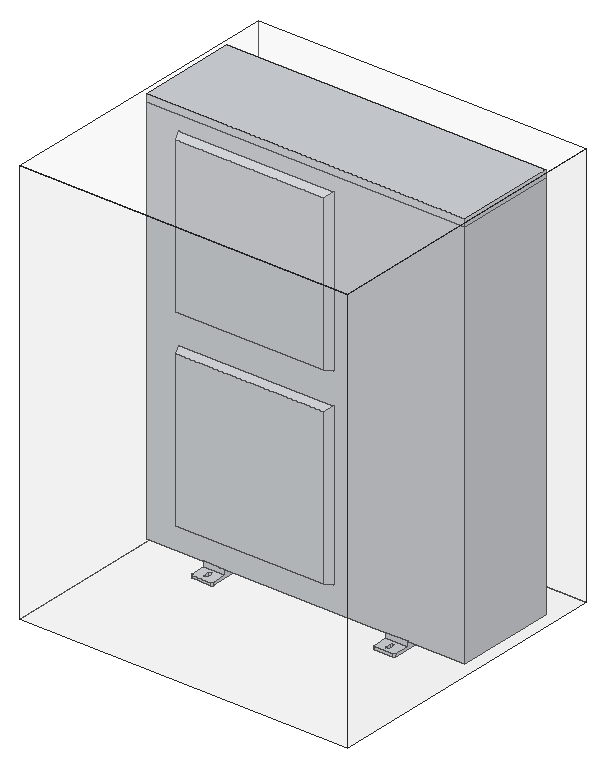
Revit family "puz-hrmp80_160ka6_60Hz", category 機械設備, Revit 2019 (continued)
Definition of nested family "PUZ-ZRMP-3"
  Dimensions and locks
    aligned and locked: plane 53 to Extrusion 5 sketch curve
    aligned and locked: plane 58 to Extrusion 6 sketch curve
    aligned and locked: plane 56 to Extrusion 6 sketch curve
    aligned and locked: plane 61 to Extrusion 7 sketch curve
    aligned and locked: plane 54 to Extrusion 7 sketch curve
    aligned and locked: plane 55 to Extrusion 7
    aligned and locked: Extrusion 7 to plane 62
    aligned and locked: plane 64 to Extrusion 6
    aligned and locked: plane 63 to Extrusion 5
    aligned and locked: Extrusion 6 to plane 60
    aligned and locked: Extrusion 5 to plane 59
    aligned and locked: plane 66 to Extrusion 8 sketch curve
    aligned and locked: plane 65 to Extrusion 8 sketch curve
    aligned and locked: Extrusion 8 to plane 60
    aligned and locked: plane 64 to Extrusion 8
    aligned and locked: Blend 9 sketch curve to plane 71
    aligned and locked: Blend 9 sketch curve to plane 72
    aligned and locked: Blend 9 sketch curve to plane 42
    aligned and locked: Blend 9 sketch curve to plane 41
    aligned and locked: plane 45 to Blend 9 sketch curve
    aligned and locked: Blend 9 sketch curve to plane 46
    aligned and locked: Blend 9 sketch curve to plane 73
    aligned and locked: plane 74 to Blend 9 sketch curve
    aligned and locked: Blend 9 to plane 8
    aligned and locked: plane 38 to Blend 9
    aligned and locked: plane 22 to Extrusion 10 sketch curve
    aligned and locked: plane 21 to Extrusion 10 sketch curve
    aligned and locked: Extrusion 10 sketch curve to Extrusion 1  (x4)
    aligned and locked: Extrusion 10 sketch curve to plane 23
    aligned and locked: Extrusion 10 sketch curve to plane 20
    aligned and locked: plane 24 to Extrusion 10
    aligned and locked: Extrusion 10 to level
    aligned and locked: plane 25 to Extrusion 11
    aligned and locked: Extrusion 11 to plane 26
    aligned and locked: Masking region 1 sketch curve to Extrusion 3  (x4)
    aligned and locked: Masking region 1 sketch curve to cut or joined group of Extrusion 1, Extrusion 10  (x8)
    aligned and locked: Masking region 1 sketch curve to Blend 9  (x3)
    aligned and locked: plane 51 to Extrusion 11 sketch curve
    aligned and locked: plane 52 to Extrusion 11 sketch curve
    aligned and locked: plane 76 to Extrusion 11 sketch curve
    aligned and locked: plane 77 to Extrusion 11 sketch curve
    aligned and locked: plane 78 to Extrusion 11 sketch curve
    aligned and locked: plane 79 to Extrusion 11 sketch curve
    aligned and locked: plane 75 to Extrusion 11 sketch curve  (x4)
  Automatic sketch dimensions
    plane 7 to Extrusion 1 sketch curve = 0 mm  (x2)
    Extrusion 1 sketch curve to plane 18 = 0 mm
    plane 8 to Extrusion 1 sketch curve = 0 mm  (x2)
    Extrusion 1 sketch curve to plane 19 = 0 mm
    Extrusion 1 sketch curve to plane 20 = 0 mm
    Extrusion 1 sketch curve to plane 21 = 0 mm
    curve 187 to curve 188 = 40 mm
    curve 186 to curve 190 = 13.333 mm
    curve 190 to curve 190 = 40 mm
    curve 186 to curve 193 = 0 mm
    curve 186 to curve 188 = 40 mm
    curve 188 to curve 191 = 0 mm
    curve 179 to curve 180 = 40 mm
    curve 178 to curve 182 = 120 mm
    curve 182 to curve 182 = 40 mm
    curve 178 to curve 185 = 0 mm
    curve 178 to curve 180 = 40 mm
    curve 182 to curve 183 = 40 mm
    curve 25 to plane 45 = 0 mm
    curve 24 to plane 45 = 0 mm
    curve 22 to plane 45 = 0 mm
    curve 23 to plane 45 = 0 mm
    curve 26 to plane 45 = 0 mm
    curve 21 to plane 45 = 0 mm
    curve 24 to plane 46 = 0 mm
    curve 25 to plane 46 = 0 mm
    curve 26 to plane 46 = 0 mm
    curve 23 to plane 46 = 0 mm
    curve 22 to plane 46 = 0 mm
    curve 21 to plane 46 = 0 mm
    curve 37 to plane 48 = 0 mm
    curve 52 to plane 48 = 0 mm
    curve 51 to plane 48 = 0 mm
    curve 50 to plane 48 = 0 mm
    curve 49 to plane 48 = 0 mm
    curve 48 to plane 48 = 0 mm
    curve 47 to plane 48 = 0 mm
    curve 46 to plane 48 = 0 mm
    curve 45 to plane 48 = 0 mm
    curve 44 to plane 48 = 0 mm
    curve 43 to plane 48 = 0 mm
    curve 42 to plane 48 = 0 mm
    curve 41 to plane 48 = 0 mm
    curve 27 to plane 48 = 0 mm
    curve 28 to plane 48 = 0 mm
    curve 40 to plane 48 = 0 mm
    curve 39 to plane 48 = 0 mm
    curve 29 to plane 48 = 0 mm
    curve 38 to plane 48 = 0 mm
    curve 30 to plane 48 = 0 mm
    curve 53 to plane 48 = 0 mm
    curve 31 to plane 48 = 0 mm
    curve 36 to plane 48 = 0 mm
    curve 32 to plane 48 = 0 mm
    curve 35 to plane 48 = 0 mm
    curve 33 to plane 48 = 0 mm
    curve 34 to plane 48 = 0 mm
    curve 28 to plane 47 = 0 mm
    curve 41 to plane 47 = 0 mm
    curve 27 to plane 47 = 0 mm
    curve 42 to plane 47 = 0 mm
    curve 31 to plane 47 = 0 mm
    curve 40 to plane 47 = 0 mm
    curve 37 to plane 47 = 0 mm
    curve 39 to plane 47 = 0 mm
    curve 32 to plane 47 = 0 mm
    curve 45 to plane 47 = 0 mm
    curve 36 to plane 47 = 0 mm
    curve 46 to plane 47 = 0 mm
    curve 43 to plane 47 = 0 mm
    curve 47 to plane 47 = 0 mm
    curve 29 to plane 47 = 0 mm
    curve 48 to plane 47 = 0 mm
    curve 30 to plane 47 = 0 mm
    curve 49 to plane 47 = 0 mm
    curve 44 to plane 47 = 0 mm
    curve 50 to plane 47 = 0 mm
    curve 33 to plane 47 = 0 mm
    curve 51 to plane 47 = 0 mm
    curve 35 to plane 47 = 0 mm
    curve 52 to plane 47 = 0 mm
    curve 38 to plane 47 = 0 mm
    curve 53 to plane 47 = 0 mm
    curve 34 to plane 47 = 0 mm
    plane 13 to curve 304 = 138 mm
    curve 304 to plane 46 = 0 mm
    curve 307 to plane 45 = 0 mm
    curve 306 to plane 45 = 0 mm
    curve 303 to plane 45 = 0 mm
    curve 308 to plane 45 = 0 mm
    curve 303 to plane 46 = 0 mm
    curve 306 to plane 46 = 0 mm
    curve 307 to plane 46 = 0 mm
    curve 308 to plane 46 = 0 mm
    curve 309 to plane 45 = 0 mm
    curve 309 to plane 46 = 0 mm
    curve 305 to plane 74 = 0 mm
    curve 305 to plane 73 = 0 mm
    curve 310 to plane 74 = 0 mm
    curve 310 to plane 73 = 0 mm
    curve 311 to plane 73 = 0 mm
    curve 311 to plane 74 = 0 mm
    curve 312 to plane 74 = 0 mm
    curve 312 to plane 73 = 0 mm
    curve 313 to plane 74 = 0 mm
    curve 313 to plane 73 = 0 mm
    curve 314 to plane 73 = 0 mm
    curve 314 to plane 74 = 0 mm
    curve 315 to plane 74 = 0 mm
    curve 315 to plane 73 = 0 mm
    curve 316 to plane 73 = 0 mm
    curve 316 to plane 74 = 0 mm
    curve 317 to plane 74 = 0 mm
    curve 317 to plane 73 = 0 mm
    curve 318 to plane 74 = 0 mm
    curve 318 to plane 73 = 0 mm
    curve 319 to plane 74 = 0 mm
    curve 319 to plane 73 = 0 mm
    curve 320 to plane 74 = 0 mm
    curve 320 to plane 73 = 0 mm
    curve 321 to plane 74 = 0 mm
    curve 321 to plane 73 = 0 mm
    curve 322 to plane 73 = 0 mm
    curve 322 to plane 74 = 0 mm
    curve 323 to plane 73 = 0 mm
    curve 323 to plane 74 = 0 mm
    curve 324 to plane 73 = 0 mm
    curve 324 to plane 74 = 0 mm
    curve 325 to plane 74 = 0 mm
    curve 325 to plane 73 = 0 mm
    curve 326 to plane 74 = 0 mm
    curve 326 to plane 73 = 0 mm
    curve 327 to plane 74 = 0 mm
    curve 327 to plane 73 = 0 mm
    curve 328 to plane 74 = 0 mm
    curve 328 to plane 73 = 0 mm
    curve 329 to plane 74 = 0 mm
    curve 329 to plane 73 = 0 mm
    curve 330 to plane 74 = 0 mm
    curve 330 to plane 73 = 0 mm
    curve 331 to plane 74 = 0 mm
    curve 331 to plane 73 = 0 mm
    curve 332 to plane 73 = 0 mm
    curve 332 to plane 74 = 0 mm
    curve 333 to plane 74 = 0 mm
    curve 333 to plane 73 = 0 mm
    curve 334 to plane 73 = 0 mm
    curve 334 to plane 74 = 0 mm
    curve 335 to plane 74 = 0 mm
    curve 335 to plane 73 = 0 mm
    Extrusion 10 sketch curve to plane 18 = 0 mm  (x2)
    plane 8 to Extrusion 10 sketch curve = 0 mm
    plane 23 to Extrusion 10 sketch curve = 0 mm
    plane 22 to Extrusion 10 sketch curve = 0 mm  (x3)
    plane 16 to Extrusion 10 sketch curve = 0 mm  (x3)
    plane 17 to Extrusion 10 sketch curve = 0 mm  (x3)
    Extrusion 10 sketch curve to plane 15 = 0 mm  (x2)
    Extrusion 10 sketch curve to plane 19 = 0 mm  (x2)
    Extrusion 10 sketch curve to plane 14 = 0 mm  (x2)
    plane 7 to Extrusion 10 sketch curve = 0 mm
    Extrusion 10 sketch curve to plane 18 = 5 mm
    plane 15 to Extrusion 10 sketch curve = 6 mm  (x2)
    plane 19 to Extrusion 10 sketch curve = 5 mm
    Extrusion 10 sketch curve to plane 20 = 5 mm
    plane 14 to Extrusion 10 sketch curve = 6 mm  (x2)
    plane 21 to Extrusion 10 sketch curve = 5 mm
    plane 38 to Extrusion 10 sketch curve = 10 mm  (x2)
    plane 19 to Masking region 1 sketch curve = 0 mm
    plane 21 to Masking region 1 sketch curve = 0 mm
    plane 7 to Masking region 1 sketch curve = 0 mm  (x2)
    Masking region 1 sketch curve to plane 20 = 0 mm
    Masking region 1 sketch curve to plane 18 = 0 mm
    plane 8 to Masking region 1 sketch curve = 0 mm  (x2)
    plane 38 to Masking region 1 sketch curve = 0 mm
    curve 352 to plane 6 = 0 mm
    plane 7 to curve 352 = 0 mm
    curve 353 to plane 18 = 0 mm
    curve 348 to plane 18 = 0 mm
    plane 8 to curve 346 = 0 mm
    curve 354 to plane 19 = 0 mm
    curve 347 to plane 19 = 0 mm
    curve 345 to plane 41 = 0 mm
    plane 38 to curve 344 = 0 mm
    curve 344 to plane 46 = 0 mm
    curve 357 to plane 20 = 0 mm
    curve 343 to plane 20 = 0 mm
    curve 358 to plane 21 = 0 mm
    curve 341 to plane 21 = 0 mm
    curve 339 to plane 45 = 0 mm
    curve 339 to plane 42 = 0 mm
    curve 337 to plane 5 = 0 mm
    plane 22 to curve 354 = 0 mm
    plane 22 to curve 358 = 0 mm
    plane 23 to curve 342 = 0 mm
    plane 23 to curve 347 = 0 mm
    curve 11 to plane 65 = 6 mm
    plane 18 to curve 352 = 28.157 mm
    plane 15 to curve 346 = 0.043 mm
    plane 21 to curve 338 = 11.963 mm
    curve 336 to plane 21 = 9.073 mm
    curve 344 to plane 21 = 22.105 mm
    plane 28 to curve 3 = 5 mm
    curve 3 to plane 45 = 38 mm
    curve 1 to plane 45 = 38 mm
    curve 3 to curve 5 = 0 mm
    curve 4 to plane 29 = 5 mm
    curve 372 to plane 65 = 6 mm
    plane 65 to curve 376 = 9 mm
    curve 12 to plane 65 = 6 mm
    curve 20 to plane 53 = 4 mm
    curve 2 to curve 16 = 15 mm
    plane 51 to curve 15 = 5 mm
Definition of nested family "固定点"
  Parameters (values of type "固定点")
    中心円 = if(W > 599 mm, 12 mm, 10 mm)  # 12 mm
    W = 1000 mm
    D = 1000 mm
  Reference planes
    plane 1 "中心(正面/背面)": y = 0
    plane 2: z = 0
    plane 3 "中心(左/右)": x = 0
    plane 4: x = 1000
    plane 5: y = 1000
  Lines and regions (mm)
    symbolic lines, detail levels fine
      curve 1: circle (0, 1000, 0) r 6 normal (0, 0, 1)
      curve 2: circle (0, 0, 0) r 6 normal (0, 0, 1)
      curve 3: circle (1000, 1000, 0) r 6 normal (0, 0, 1)
      curve 4: circle (1000, 0, 0) r 6 normal (0, 0, 1)
      curve 5: line (-200, 1000, 0) -> (1200, 1000, 0)
      curve 6: line (-200, 0, 0) -> (1200, 0, 0)
      curve 7: line (0, 1200, 0) -> (0, -200, 0)
      curve 8: line (1000, 1200, 0) -> (1000, -200, 0)
  Dimensions and locks
    "W": plane 3 "中心(左/右)" to plane 4
    "D": plane 1 "中心(正面/背面)" to plane 5
    "中心円": diameter of curve 1
    "中心円": diameter of curve 2
    "中心円": diameter of curve 3
    "中心円": diameter of curve 4
    aligned and locked: level to plane 2
    aligned and locked: plane 5 to curve 1
    aligned and locked: plane 3 "中心(左/右)" to curve 1
    aligned and locked: plane 3 "中心(左/右)" to curve 2
    aligned and locked: plane 1 "中心(正面/背面)" to curve 2
    aligned and locked: plane 4 to curve 3
    aligned and locked: plane 5 to curve 3
    aligned and locked: plane 1 "中心(正面/背面)" to curve 4
    aligned and locked: plane 4 to curve 4
    aligned and locked: plane 1 "中心(正面/背面)" to curve 6
    aligned and locked: curve 7 to plane 3 "中心(左/右)"
    aligned and locked: curve 8 to plane 4
  Automatic sketch dimensions
    curve 5 to plane 5 = 0 mm
    curve 6 to plane 3 "中心(左/右)" = 200 mm
    curve 5 to plane 3 "中心(左/右)" = 200 mm
    curve 4 to curve 6 = 200 mm
    curve 3 to curve 5 = 200 mm
    plane 1 "中心(正面/背面)" to curve 8 = 200 mm
    plane 1 "中心(正面/背面)" to curve 7 = 200 mm
    curve 3 to curve 8 = 200 mm
    curve 1 to curve 7 = 200 mm
Types (4, lengths in mm): name | 音響パワーレベル（冷）(dB) | 音響パワーレベル(dB) | 電動機出力_圧縮機 | 消費電力_暖房 | 消費電力_冷房 | 消費電力 | 構成品番 | 暖房能力 | 推奨ブレーカー容量 | 価格 | 冷房能力 | URL
  PUZ-HRMP80KA6 | 66 | 68 | 1.5 kW | 1.92 kW | 1.77 kW | 1.92 kW | "PUZ-HRMP80KA" | 8 kW | 30 A | 665000 | 7.1 kW | "https://www.mitsubishielectric.co.jp/ldg/wink/ssl/displayProduct.do?pid=323602"
  PUZ-HRMP112KA6 | 66 | 69 | 2.1 kW | 2.69 kW | 2.5 kW | 2.69 kW | "PUZ-HRMP112KA" | 11.2 kW | 30 A | 785000 | 10 kW | "https://www.mitsubishielectric.co.jp/ldg/wink/ssl/displayProduct.do?pid=323604"
  PUZ-HRMP140KA6 | 68 | 69 | 2.7 kW | 3.82 kW | 3.69 kW | 3.82 kW | "PUZ-HRMP140KA" | 14 kW | 40 A | 937000 | 12.5 kW | "https://www.mitsubishielectric.co.jp/ldg/wink/ssl/displayProduct.do?pid=323607"
  PUZ-HRMP160KA6 | 69 | 71 | 3.1 kW | 4.49 kW | 4.7 kW | 4.7 kW | "PUZ-HRMP160KA" | 16 kW | 40 A | 1061000 | 14 kW | "https://www.mitsubishielectric.co.jp/ldg/wink/ssl/displayProduct.do?pid=323610"
